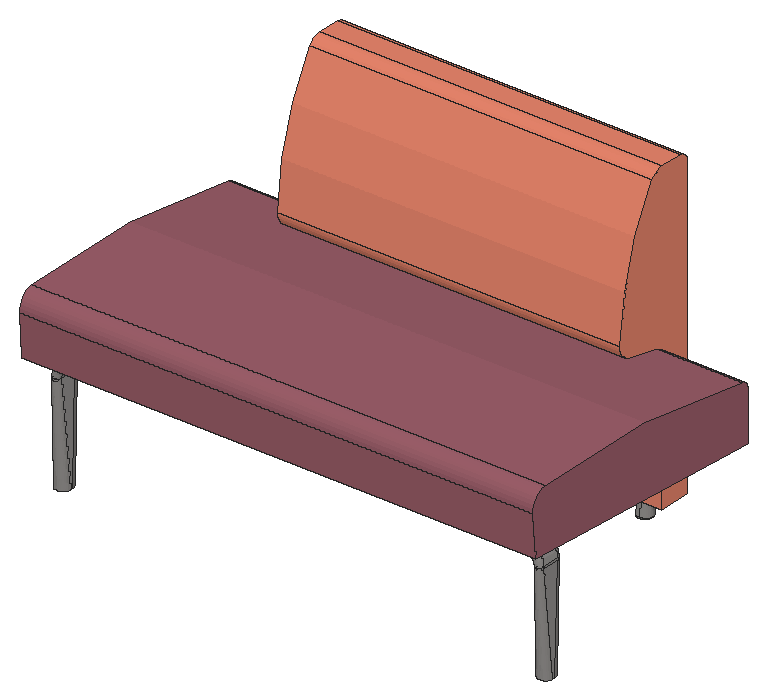
Revit family "FU_Modular_Sandler_Ambit 1050", category Furniture, Revit 2020
Family settings
  OmniClass Number = 23.40.20.00
  OmniClass Title = General Furniture and Specialties
  Work Plane-Based = No
  Always vertical = Yes
  Cut with Voids When Loaded = No
  Shared = No
  Room Calculation Point = No
Parameters (values of type "Ambit 1050")
  Width = 1200 mm
  URL = "https://www.sandlerseating.com/product/ambit-1050/"
  Seat Type = Ambit Seat : Seat 1200mm
  Seat [instance] = Fabric - X2 - Subtract AK013
  Model = "Ambit 1050"
  Manufacturer = "Sandler"
  Height = 770 mm
  Frame [instance] = Metal - Paint -AL VR - Pewter
  Description = "Modular seating system. Upholstered seat and back, with feet in cast aluminium."
  Depth = 700 mm
  Default Elevation = 0 mm
  Back [instance] = Fabric - Manhattan - Lexington YI113
Reference planes
  plane 1 "Center (Front/Back)": y = 0
  plane 2: z = 0
  plane 3 "Center (Left/Right)": x = 0
  plane 4 "Right": x = -600
  plane 5 "Left": x = 600
  plane 6 "Back": y = 350
  plane 7 "Front": y = -350
  plane 8 "Height": z = 770
  plane 9 "Seat height": z = 430
Dimensions and locks
  equal spacing: plane 4 "Right", plane 3 "Center (Left/Right)", plane 5 "Left"
  "Width": plane 4 "Right" to plane 5 "Left"
  equal spacing: plane 6 "Back", plane 1 "Center (Front/Back)", plane 7 "Front"
  "Depth": plane 6 "Back" to plane 7 "Front"
  "Height": plane 8 "Height" to level
  plane 9 "Seat height" to level = 430 mm
  aligned and locked: level to plane 2
Nested families
  nested 1: "Ambit SingleBack" at (0, 0, 0), Back <- "Back", Frame <- "Frame", type "Ambit SingleBack"
    with Frame Metal - Paint -AL VR - Pewter, Back Fabric - Manhattan - Lexington YI113
  nested 2: "Ambit Seat" at (0, 0, 0), type <- "Seat Type", Frame <- "Frame", Seat <- "Seat", type "Seat 1200mm"
    with Seat Fabric - X2 - Subtract AK013, Frame Metal - Paint -AL VR - Pewter
Definition of nested family "Ambit SingleBack"
  Parameters (values of type "Ambit SingleBack")
    Width = 800 mm
    URL = ""
    Model = ""
    Manufacturer = ""
    Height = 770 mm
    Frame [instance] = none
    Description = "Modular seating system."
    Depth = 700 mm
    Default Elevation = 0 mm
    Back [instance] = none
  Reference planes
    plane 1 "Center (Front/Back)": y = 0
    plane 2: z = 0
    plane 3 "Center (Left/Right)": x = 0
    plane 4 "Right": x = -400
    plane 5 "Left": x = 400
    plane 6 "Back": y = 350
    plane 7 "Front": y = -350
    plane 8 "Height": z = 770
    plane 9 "Seat height": z = 430
    plane 10 "B Leg C RIGHT": y = 313.961
    plane 11 "BL C TOP": x = 331.016
    plane 12 "BL Top RIGHT": z = 51.603
  Forms (mm)
    Revolve 1, solid, material <- "Frame"
      sketch origin (331.016, 0, 0) x (0, 1, 0) y (0, 0, 1)
        loop
          line (299.423, 40.637) -> (296.57, 2.1)
          arc (296.57, 2.1) -> (296.901, 0.817) -> (297.944, 0) r 2.065
          line (297.944, 0) -> (313.961, 0) -> (313.961, 48.022) -> (294.441, 48.022) -> (294.441, 46.076)
          arc (294.441, 46.076) -> (298.107, 44.432) -> (299.423, 40.637) r 5.065
        axis (313.961, 48.022) -> (313.961, 0)
      angle from 0 to 360
    Extrusion 2, solid, material <- "Frame"
      sketch origin (0, 0, 51.603) x (0, -1, 0) y (1, 0, 0)
        loop
          arc (-342.852, 290.046) -> (-342.258, 288.613) -> (-340.824, 288.019) r 2.027
          line (-340.824, 288.019) -> (-286.875, 288.019)
          arc (-286.875, 288.019) -> (-285.444, 288.611) -> (-284.852, 290.042) r 2.023
          line (-284.852, 290.042) -> (-284.852, 372.037)
          arc (-284.852, 372.037) -> (-285.431, 373.436) -> (-286.83, 374.016) r 1.978
          line (-286.83, 374.016) -> (-340.837, 374.016)
          arc (-340.837, 374.016) -> (-342.262, 373.426) -> (-342.852, 372.001) r 2.015
          line (-342.852, 372.001) -> (-342.852, 290.046)
      from -5.528 to 0
    Revolve 3, solid, material <- "Frame"
      sketch origin (-331.016, 0, 0) x (0, 1, 0) y (0, 0, -1)
        loop
          arc (299.423, -40.637) -> (298.107, -44.432) -> (294.441, -46.076) r 5.065
          line (294.441, -46.076) -> (294.441, -48.022) -> (313.961, -48.022) -> (313.961, 0) -> (297.944, 0)
          arc (297.944, 0) -> (296.901, -0.817) -> (296.57, -2.1) r 2.065
          line (296.57, -2.1) -> (299.423, -40.637)
        axis (313.961, -48.022) -> (313.961, 0)
      angle from 0 to 360
    Extrusion 4, solid, material <- "Frame"
      sketch origin (0, 0, 51.603) x (0, -1, 0) y (1, 0, 0)
        loop
          line (-342.852, -290.046) -> (-342.852, -372.001)
          arc (-342.852, -372.001) -> (-342.262, -373.426) -> (-340.837, -374.016) r 2.015
          line (-340.837, -374.016) -> (-286.83, -374.016)
          arc (-286.83, -374.016) -> (-285.431, -373.436) -> (-284.852, -372.037) r 1.978
          line (-284.852, -372.037) -> (-284.852, -290.042)
          arc (-284.852, -290.042) -> (-285.444, -288.611) -> (-286.875, -288.019) r 2.023
          line (-286.875, -288.019) -> (-340.824, -288.019)
          arc (-340.824, -288.019) -> (-342.258, -288.613) -> (-342.852, -290.046) r 2.027
      from -5.528 to 0
    Extrusion 5, solid, material <- "Back"
      sketch origin (400, 0, 0) x (0, -1, 0) y (0, 0, 1)
        loop
          line (-276.986, 51.603) -> (-276.986, 376.265)
          arc (-276.986, 376.265) -> (-272.236, 387.916) -> (-261.468, 394.425) r 20
          arc (-261.468, 394.425) -> (-221.889, 402.963) -> (-182.128, 410.609) r 1800.168
          arc (-182.128, 410.609) -> (-161.146, 423.03) -> (-153.367, 446.139) r 35
          arc (-153.367, 446.139) -> (-179.881, 606.219) -> (-247.561, 753.69) r 611.524
          arc (-247.561, 753.69) -> (-260.259, 765.652) -> (-277.153, 770) r 35
          line (-277.153, 770) -> (-330, 770)
          arc (-330, 770) -> (-344.142, 764.142) -> (-350, 750) r 20
          line (-350, 750) -> (-350, 51.603) -> (-276.986, 51.603)
      from 0 to 800
  Cuts and joins
    joined: Revolve 1, Extrusion 2
  Dimensions and locks
    equal spacing: plane 4 "Right", plane 3 "Center (Left/Right)", plane 5 "Left"
    "Width": plane 4 "Right" to plane 5 "Left"
    equal spacing: plane 6 "Back", plane 1 "Center (Front/Back)", plane 7 "Front"
    "Depth": plane 6 "Back" to plane 7 "Front"
    "Height": plane 8 "Height" to level
    plane 9 "Seat height" to level = 430 mm
    aligned and locked: level to plane 2
  Automatic sketch dimensions
    Revolve 1 sketch curve to level = 0 mm
    Revolve 1 sketch curve to plane 10 "B Leg C RIGHT" = 0 mm  (x2)
    Revolve 1 sketch curve to plane 10 "B Leg C RIGHT" = 14.538 mm
    level to Revolve 1 sketch curve = 1.947 mm
    Revolve 1 sketch curve to plane 10 "B Leg C RIGHT" = 15.332 mm
    Revolve 1 sketch curve to Revolve 1 sketch curve = 0.686 mm
    level to Revolve 1 sketch curve = 2.1 mm
    Revolve 1 sketch curve to Revolve 1 sketch curve = 4.982 mm
    Revolve 1 sketch curve to Revolve 1 sketch curve = 0.069 mm
    Revolve 1 sketch curve to plane 12 "BL Top RIGHT" = 10.966 mm
    Revolve 1 sketch curve to Revolve 1 sketch curve = 0.374 mm
    Revolve 1 sketch curve to plane 12 "BL Top RIGHT" = 3.581 mm
    Revolve 1 sketch curve to level = 4.899 mm
    plane 12 "BL Top RIGHT" to Revolve 1 sketch curve = 1.419 mm
    Extrusion 2 sketch curve to plane 6 "Back" = 7.148 mm
    Extrusion 2 sketch curve to Extrusion 2 sketch curve = 2.015 mm
    Extrusion 2 sketch curve to Extrusion 2 sketch curve = 2.027 mm
    Extrusion 2 sketch curve to plane 10 "B Leg C RIGHT" = 27.087 mm
    Extrusion 2 sketch curve to plane 10 "B Leg C RIGHT" = 27.131 mm
    Extrusion 2 sketch curve to Extrusion 2 sketch curve = 2.023 mm
    Extrusion 2 sketch curve to plane 11 "BL C TOP" = 42.997 mm
    plane 5 "Left" to Extrusion 2 sketch curve = 27.999 mm
    Revolve 3 sketch curve to level = 0 mm
    Revolve 3 sketch curve to plane 10 "B Leg C RIGHT" = 0 mm  (x2)
    Revolve 3 sketch curve to plane 10 "B Leg C RIGHT" = 14.538 mm
    level to Revolve 3 sketch curve = 1.947 mm
    Revolve 3 sketch curve to plane 10 "B Leg C RIGHT" = 15.332 mm
    Revolve 3 sketch curve to Revolve 3 sketch curve = 0.686 mm
    level to Revolve 3 sketch curve = 2.1 mm
    Revolve 3 sketch curve to Revolve 3 sketch curve = 4.982 mm
    Revolve 3 sketch curve to Revolve 3 sketch curve = 0.069 mm
    Revolve 3 sketch curve to plane 12 "BL Top RIGHT" = 10.966 mm
    Revolve 3 sketch curve to Revolve 3 sketch curve = 0.374 mm
    Revolve 3 sketch curve to Revolve 3 sketch curve = 1.946 mm
    plane 12 "BL Top RIGHT" to Revolve 3 sketch curve = 1.419 mm
    Revolve 3 sketch curve to level = 4.899 mm
    plane 6 "Back" to Extrusion 4 sketch curve = 7.148 mm
    Extrusion 4 sketch curve to Extrusion 4 sketch curve = 2.015 mm
    Extrusion 4 sketch curve to Extrusion 4 sketch curve = 2.027 mm
    plane 10 "B Leg C RIGHT" to Extrusion 4 sketch curve = 27.087 mm
    plane 10 "B Leg C RIGHT" to Extrusion 4 sketch curve = 27.131 mm
    Extrusion 4 sketch curve to Extrusion 4 sketch curve = 2.023 mm
    plane 4 "Right" to Extrusion 4 sketch curve = 111.981 mm
    plane 4 "Right" to Extrusion 4 sketch curve = 27.999 mm
    Extrusion 5 sketch curve to plane 6 "Back" = 0 mm
    Extrusion 5 sketch curve to plane 8 "Height" = 0 mm
    Extrusion 5 sketch curve to plane 12 "BL Top RIGHT" = 0 mm
    Extrusion 5 sketch curve to plane 9 "Seat height" = 2.863 mm
    plane 6 "Back" to Extrusion 5 sketch curve = 414.596 mm
    plane 10 "B Leg C RIGHT" to Extrusion 5 sketch curve = 16.039 mm
    Extrusion 5 sketch curve to plane 10 "B Leg C RIGHT" = 36.808 mm
    Extrusion 5 sketch curve to plane 10 "B Leg C RIGHT" = 36.975 mm
    Extrusion 5 sketch curve to Extrusion 5 sketch curve = 19.955 mm
    plane 9 "Seat height" to Extrusion 5 sketch curve = 15.052 mm
    Extrusion 5 sketch curve to Extrusion 5 sketch curve = 68.681 mm
    Extrusion 5 sketch curve to level = 1360.883 mm
    Extrusion 5 sketch curve to plane 9 "Seat height" = 55.077 mm
    Extrusion 5 sketch curve to Extrusion 5 sketch curve = 1.342 mm
    Extrusion 5 sketch curve to Extrusion 5 sketch curve = 35 mm
    Extrusion 5 sketch curve to Extrusion 5 sketch curve = 0 mm  (x3)
    plane 1 "Center (Front/Back)" to Extrusion 5 sketch curve = 137.907 mm
Definition of nested family "Ambit Seat"
  Parameters (values of type "Seat 800mm")
    Width = 800 mm
    URL = ""
    Seat [instance] = none
    Model = ""
    Manufacturer = ""
    Height = 770 mm
    Frame [instance] = none
    Description = "Modular seating system."
    Depth = 700 mm
    Default Elevation = 0 mm
  Types (3, lengths in mm): name | Width
    (no name) | 800
    Seat 800mm | 800
    Seat 1200mm | 1200
  Reference planes
    plane 1 "Center (Front/Back)": y = 0
    plane 2: z = 0
    plane 3 "Center (Left/Right)": x = 0
    plane 4 "Right": x = -400
    plane 5 "Left": x = 400
    plane 6 "Back": y = 350
    plane 7 "Front": y = -350
    plane 8 "Height": z = 770
    plane 9 "Seat height": z = 430
    plane 10 "FFT C RIGHT": z = 285.404
    plane 11 "Frame Left": x = -364
    plane 12 "Frame Right": x = 364
  Forms (mm)
    SweptBlend 1, solid, material <- "Frame"
      path origin (0, -265.648, 0) x (0, 0, -1) y (1, 0, 0)
        loop
          line (0, 364.075) -> (-239.72, 364.075)
      profile "Pro_Ambit_FFoot : Pro_Ambit_FFoot" origin (364.075, -265.648, 0) x (-1, 0, 0) y (0, -1, 0)
        loop
          arc (17.452, 3.305) -> (0, 20.142) -> (-17.452, 3.305) r 17.463
          line (-17.452, 3.305) -> (-17.452, -3.305)
          arc (-17.452, -3.305) -> (0, -20.142) -> (17.452, -3.305) r 17.463
          line (17.452, -3.305) -> (17.452, 3.305)
      end profile "Pro_Ambit_FF : Pro_Ambit_FF" origin (364.075, -265.648, 239.72) x (-1, 0, 0) y (0, -1, 0)
        loop
          arc (-10, -20.066) -> (0, -30.066) -> (10, -20.066) r 10
          line (10, -20.066) -> (10, 20.066)
          arc (10, 20.066) -> (0, 30.066) -> (-10, 20.066) r 10
          line (-10, 20.066) -> (-10, -20.066)
    Sweep 2, solid, material <- "Frame"
      path origin (0, -265.648, 0) x (0, 0, -1) y (1, 0, 0)
        loop
          line (-234.72, -364.14) -> (-239.72, -364.14)
          arc (-239.72, -364.14) -> (-272.419, -345.952) -> (-285.404, -310.86) r 53.912
          line (-285.404, -310.86) -> (-285.404, 310.86)
          arc (-285.404, 310.86) -> (-272.419, 345.952) -> (-239.72, 364.14) r 53.912
          line (-239.72, 364.14) -> (-234.72, 364.14)
      profile "Pro_Ambit_FF : Pro_Ambit_FF" origin (0, -265.648, 285.404) x (0, 0, 1) y (0, -1, 0)
        loop
          arc (-10, -20.066) -> (0, -30.066) -> (10, -20.066) r 10
          line (10, -20.066) -> (10, 20.066)
          arc (10, 20.066) -> (0, 30.066) -> (-10, 20.066) r 10
          line (-10, 20.066) -> (-10, -20.066)
    SweptBlend 3, solid, material <- "Frame"
      path origin (0, -265.648, 0) x (0, 0, -1) y (-1, 0, 0)
        loop
          line (0, 364.075) -> (-239.72, 364.075)
      profile "Pro_Ambit_FFoot : Pro_Ambit_FFoot" origin (-364.075, -265.648, 0) x (-1, 0, 0) y (0, -1, 0)
        loop
          line (-17.452, 3.305) -> (-17.452, -3.305)
          arc (-17.452, -3.305) -> (0, -20.142) -> (17.452, -3.305) r 17.463
          line (17.452, -3.305) -> (17.452, 3.305)
          arc (17.452, 3.305) -> (0, 20.142) -> (-17.452, 3.305) r 17.463
      end profile "Pro_Ambit_FF : Pro_Ambit_FF" origin (-364.075, -265.648, 239.72) x (-1, 0, 0) y (0, -1, 0)
        loop
          line (-10, 20.066) -> (-10, -20.066)
          arc (-10, -20.066) -> (0, -30.066) -> (10, -20.066) r 10
          line (10, -20.066) -> (10, 20.066)
          arc (10, 20.066) -> (0, 30.066) -> (-10, 20.066) r 10
    Extrusion 4, solid, material <- "Seat"
      sketch origin (-400, 0, 0) x (0, -1, 0) y (0, 0, 1)
        loop
          line (343.115, 289.761) -> (350.038, 388.028)
          arc (350.038, 388.028) -> (340.698, 416.645) -> (314.05, 430.647) r 40
          arc (314.05, 430.647) -> (24.831, 435.731) -> (-261.468, 394.425) r 1800.168
          arc (-261.468, 394.425) -> (-272.664, 387.398) -> (-277.031, 374.923) r 20
          line (-277.031, 374.923) -> (-277.031, 260.098) -> (343.115, 289.761)
      from -800 to 0
  Dimensions and locks
    equal spacing: plane 4 "Right", plane 3 "Center (Left/Right)", plane 5 "Left"
    "Width": plane 4 "Right" to plane 5 "Left"
    equal spacing: plane 6 "Back", plane 1 "Center (Front/Back)", plane 7 "Front"
    "Depth": plane 6 "Back" to plane 7 "Front"
    "Height": plane 8 "Height" to level
    plane 9 "Seat height" to level = 430 mm
    locked: plane 4 "Right" to plane 11 "Frame Left" at 36
    locked: plane 12 "Frame Right" to plane 5 "Left" at 36
    aligned and locked: level to plane 2
    aligned and locked: plane 4 "Right" to Extrusion 4
    aligned and locked: Extrusion 4 to plane 5 "Left"
  Automatic sketch dimensions
    SweptBlend 1 sketch curve to level = 0 mm
    SweptBlend 1 sketch curve to plane 10 "FFT C RIGHT" = 45.683 mm
    Sweep 2 sketch curve to plane 10 "FFT C RIGHT" = 0 mm
    Sweep 2 sketch curve to plane 10 "FFT C RIGHT" = 45.683 mm  (x2)
    Sweep 2 sketch curve to plane 10 "FFT C RIGHT" = 53.912 mm  (x2)
    Sweep 2 sketch curve to plane 4 "Right" = 89.14 mm
    Sweep 2 sketch curve to Sweep 2 sketch curve = 5 mm  (x2)
    SweptBlend 3 sketch curve to level = 0 mm
    plane 4 "Right" to SweptBlend 3 sketch curve = 35.925 mm
    plane 10 "FFT C RIGHT" to SweptBlend 3 sketch curve = 45.683 mm
    Extrusion 4 sketch curve to Extrusion 4 sketch curve = 20 mm
    plane 7 "Front" to Extrusion 4 sketch curve = 39.864 mm
    plane 7 "Front" to Extrusion 4 sketch curve = 6.885 mm
    Extrusion 4 sketch curve to plane 7 "Front" = 0.038 mm
    Extrusion 4 sketch curve to level = 1360.883 mm
    Extrusion 4 sketch curve to plane 10 "FFT C RIGHT" = 25.306 mm
    plane 10 "FFT C RIGHT" to Extrusion 4 sketch curve = 4.357 mm
    Extrusion 4 sketch curve to plane 9 "Seat height" = 55.077 mm
    Extrusion 4 sketch curve to plane 9 "Seat height" = 41.972 mm
    Extrusion 4 sketch curve to plane 9 "Seat height" = 39.161 mm
    Extrusion 4 sketch curve to Extrusion 4 sketch curve = 0 mm
    plane 5 "Left" to SweptBlend 1 sketch curve = 35.925 mm
    plane 5 "Left" to Sweep 2 sketch curve = 89.14 mm
    Extrusion 4 sketch curve to plane 6 "Back" = 92.969 mm
    plane 1 "Center (Front/Back)" to Extrusion 4 sketch curve = 137.907 mm
